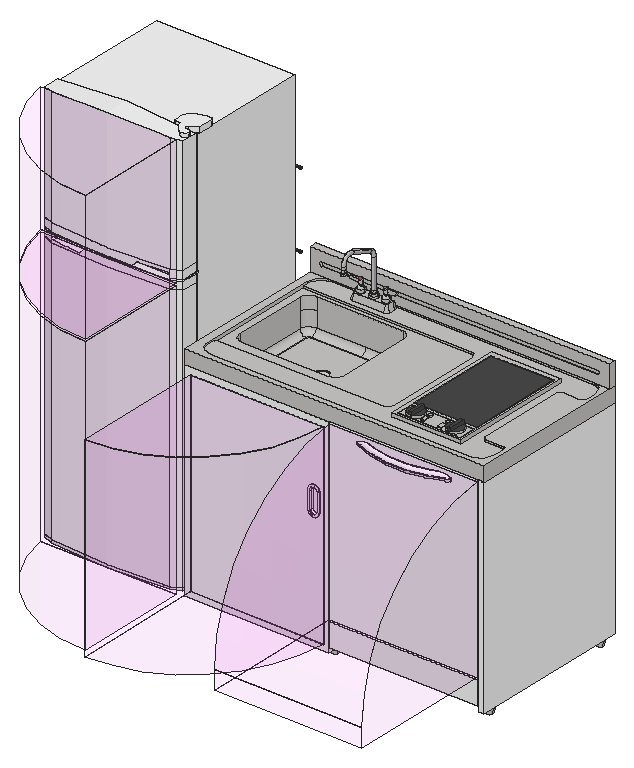
Revit family "QF_Summit_ACKDW721G_Kitchenette_with_Dishwasher_Refrigerator_Freezer", category Specialty Equipment, Revit 2020 (continued)
Definition of nested family "Summit_FF946W"
  Automatic sketch dimensions
    Revolve 31 sketch curve to Revolve 31 sketch curve = 0.09826"
    Revolve 31 sketch curve to Revolve 31 sketch curve = 0"
    Extrusion 32 sketch curve to Extrusion 7 = 0"
    Extrusion 32 sketch curve to Extrusion 7 = 0.3868"
    Extrusion 32 sketch curve to Extrusion 7 = 2.66115"
    Extrusion 32 sketch curve to Extrusion 7 = 1.17391"
    Extrusion 32 sketch curve to Extrusion 7 = 1.05174"
    Extrusion 32 sketch curve to Extrusion 7 = 0.37883"
    Extrusion 7 to Extrusion 32 sketch curve = 0.08207"
    Extrusion 7 to Extrusion 32 sketch curve = 0.40918"
    Extrusion 7 to Extrusion 32 sketch curve = 0.45317"
    Extrusion 32 sketch curve to Extrusion 32 sketch curve = 0.20726"
    Extrusion 32 sketch curve to Extrusion 32 sketch curve = 29/128"
    Extrusion 32 sketch curve to Extrusion 32 sketch curve = 0.24811"
    Extrusion 32 sketch curve to Extrusion 7 = 0.32439"
    Extrusion 32 sketch curve to Extrusion 32 sketch curve = 0.38647"
    Extrusion 32 sketch curve to Extrusion 32 sketch curve = 0.25007"
    Extrusion 32 sketch curve to Extrusion 32 sketch curve = 0.09177"
    Extrusion 7 to Extrusion 32 sketch curve = 0.92391"
    Extrusion 32 sketch curve to Extrusion 7 = 0.16507"
    Extrusion 32 sketch curve to Extrusion 32 sketch curve = 0.24974"
    Extrusion 32 sketch curve to Extrusion 32 sketch curve = 93/256"
    Extrusion 32 sketch curve to Extrusion 32 sketch curve = 0.51956"
    Extrusion 32 sketch curve to Extrusion 32 sketch curve = 0.10565"
    Extrusion 32 sketch curve to Extrusion 32 sketch curve = 0.82922"
    Extrusion 32 sketch curve to Extrusion 32 sketch curve = 1 115/256"
    Extrusion 32 sketch curve to Extrusion 32 sketch curve = 0.5529"
    Extrusion 32 sketch curve to Extrusion 32 sketch curve = 0"
    Extrusion 33 sketch curve to Extrusion 5 = 0"  (x2)
    Extrusion 5 to Extrusion 33 sketch curve = 0.32196"
    Extrusion 5 to Extrusion 33 sketch curve = 3 3/4"
    Extrusion 34 sketch curve to Extrusion 12 = 0"  (x2)
    Extrusion 12 to Extrusion 34 sketch curve = 0.32196"
    Extrusion 12 to Extrusion 34 sketch curve = 3 3/4"
    curve 53 to plane 3 "LEFT" = 0"
    curve 23 to plane 3 "LEFT" = 0"
    plane 1 "BACK" to curve 32 = 0"
    curve 25 to plane 7 "Center Y" = 0"
    curve 1 to plane 4 "RIGHT" = 0"
    curve 27 to plane 4 "RIGHT" = 0"
    curve 18 to plane 4 "RIGHT" = 0"
    curve 45 to plane 3 "LEFT" = 0.92391"
    plane 3 "LEFT" to curve 47 = 0.16507"
    curve 47 to curve 49 = 0.15931"
    plane 3 "LEFT" to curve 52 = 0.3868"
    curve 47 to curve 48 = 0.27592"
    curve 49 to curve 40 = 0.24974"
    curve 48 to curve 46 = 93/256"
    plane 1 "BACK" to curve 37 = 0.25465"
    plane 3 "LEFT" to curve 37 = 0.82095"
    curve 40 to curve 50 = 0.51956"
    curve 50 to curve 49 = 0.10565"
    curve 50 to curve 51 = 0.1398"
    curve 24 to plane 5 "FRONT" = 0.51042"
    plane 3 "LEFT" to curve 24 = 1.58604"
    curve 51 to curve 41 = 0.82922"
    curve 45 to curve 43 = 0.5529"
    curve 43 to curve 42 = 0.32711"
    plane 3 "LEFT" to curve 2 = 3.93802"
    plane 4 "RIGHT" to curve 54 = 3.93802"
    plane 4 "RIGHT" to curve 9 = 3.5627"
    curve 10 to curve 11 = 0.32711"
    curve 11 to curve 11 = 0.5529"
    curve 8 to curve 8 = 1 1/2"
    curve 26 to plane 5 "FRONT" = 0.51042"
    plane 4 "RIGHT" to curve 18 = 1.23348"
    curve 17 to curve 16 = 0.03414"
    curve 17 to curve 17 = 0.10565"
    plane 1 "BACK" to curve 34 = 0.25465"
    plane 4 "RIGHT" to curve 34 = 0.86649"
    plane 4 "RIGHT" to curve 13 = 0.80428"
    plane 4 "RIGHT" to curve 7 = 0.57413"
    curve 13 to curve 15 = 93/256"
    plane 4 "RIGHT" to curve 20 = 0.3868"
    curve 15 to curve 16 = 0.11661"
    plane 4 "RIGHT" to curve 14 = 0.16507"
    curve 12 to plane 4 "RIGHT" = 0.92391"
    plane 5 "FRONT" to curve 2 = 8.81044"
    plane 5 "FRONT" to curve 54 = 8.81044"
    curve 23 to plane 5 "FRONT" = 1 1/4"
    curve 26 to plane 5 "FRONT" = 1 1/4"
    curve 23 to curve 46 = 1.36316"
    curve 46 to curve 47 = 0.09177"
    curve 14 to curve 15 = 0.09177"
    curve 49 to curve 40 = 0.38647"
    curve 15 to curve 7 = 0.38647"
    curve 7 to curve 16 = 0.02153"
    curve 40 to curve 49 = 0.02153"
    curve 17 to curve 17 = 29/128"
    curve 50 to curve 50 = 29/128"
    curve 7 to curve 27 = 0.40853"
    curve 40 to curve 53 = 0.40853"
    curve 39 to curve 53 = 0"
    curve 1 to curve 22 = 0"
    curve 39 to curve 11 = 0.09082"
    curve 51 to curve 44 = 0.04399"
    curve 23 to curve 4 = 1/2"
    curve 28 to curve 9 = 1.05174"
    curve 45 to curve 41 = 1.46091"
    curve 19 to curve 12 = 1.17391"
    curve 4 to curve 45 = 1.17391"
    curve 12 to curve 20 = 1.48725"
    curve 45 to curve 52 = 1.48725"
    curve 4 to curve 36 = 2.24535"
    curve 25 to plane 1 "BACK" = 61.06902"
    plane 3 "LEFT" to curve 1 = 0.1454"
    curve 40 to curve 52 = 0"
    plane 3 "LEFT" to curve 5 = 0.37681"
    curve 32 to curve 29 = 1.99681"
    plane 1 "BACK" to curve 38 = 1/4"
    curve 37 to curve 38 = 1/2"
    plane 4 "RIGHT" to curve 31 = 3.31776"
    curve 7 to curve 8 = 0"
    curve 38 to curve 34 = 1/2"
    curve 22 to curve 17 = 0.01652"
    plane 4 "RIGHT" to curve 21 = 0.56164"
    plane 4 "RIGHT" to curve 6 = 0.26915"
    plane 4 "RIGHT" to curve 53 = 0.1454"
    curve 55 to curve 56 = 0"
    curve 55 to curve 56 = 0.68836"
    curve 58 to curve 57 = 0.92125"
    curve 56 to curve 58 = 0"
    curve 58 to curve 57 = 1/2"
    curve 4 to curve 51 = 0.37883"
    radius of Extrusion 4 sketch curve to Extrusion 3 = 0"
    radius of Extrusion 5 sketch curve to Extrusion 1 = 0"
    radius of Extrusion 27 sketch curve = 1/4"
Definition of nested family "Summit_DW242WADA"
  Parameters (values of type "Summit_DW242WADA")
    Show Clearance [instance] = yes
    Model = "DW242WADA"
    Manufacturer = "Summit"
    Length = 23 1/2"
    Height = 34"
    Description = "Dishwasher"
    Depth = 22 1/2"
    Default Elevation = 0"
  Reference planes (in)
    plane 1: z = 0
    plane 2 "LEFT": x = 0
    plane 3 "RIGHT": x = 23.5
    plane 4 "FRONT": y = -23.25
    plane 5 "TOP": z = 34
    plane 6 "Center Y": x = 11.75
    plane 7 "Center X": y = -12
    plane 8 "BACK": y = -0.75
    plane 9 "Base Hieght": z = 1.75
    plane 10: y = -46.25
    plane 11: y = -25
    plane 12: y = -21
    plane 13: z = 5.75
    plane 14: z = 5.50139
  Forms (in)
    Extrusion 1, solid
      sketch origin (0, 0, 1.75) x (-1, 0, 0) y (0, -1, 0)
        loop
          line (0, 0.75) -> (0, 21) -> (-23.5, 21) -> (-23.5, 0.75) -> (0, 0.75)
      from 0.25139 to 32.25
    Extrusion 2, solid
      sketch origin (0, 0, 1.75) x (-1, 0, 0) y (0, -1, 0)
        loop
          line (0, 21.2625) -> (0, 23.25) -> (-23.5, 23.25) -> (-23.5, 21.2625) -> (0, 21.2625)
      from 4 to 32
    Extrusion 3, solid
      sketch origin (0, 0, 33.75) x (-1, 0, 0) y (0, -1, 0)
        loop
          line (-23.5, 23.25) -> (-23.5, 21.2625) -> (0, 21.2625) -> (0, 23.25) -> (-23.5, 23.25)
      from 0 to 0.25
    Extrusion 4, solid
      sketch origin (23.5, -21, 1.75) x (-1, 0, 0) y (0, 0, -1)
        loop
          line (22.75, -31.25) -> (22.75, -4.75) -> (0.75, -4.75) -> (0.75, -31.25) -> (22.75, -31.25)
      from 0 to 0.2625
    Extrusion 5, solid
      sketch origin (0, -0.75, 1.75) x (1, 0, 0) y (0, 0, -1)
        loop
          circle (9, -1.94027) r 0.5
        loop
          circle (7, -1.94027) r 0.5
        loop
          circle (11.05034, -1.94027) r 0.25
      from 0 to 0.25
    Extrusion 6, solid
      sketch origin (0, -23.25, 0) x (1, 0, 0) y (0, 0, 1)
        loop
          line (0, 5.50139) -> (0, 1.75) -> (23.5, 1.75) -> (23.5, 5.50139) -> (0, 5.50139)
      from 0 to -2.25
    Revolve 7, solid
      sketch origin (0, -19.21875, 0) x (1, 0, 0) y (0, 0, 1)
        loop
          line (21.75, 0) -> (21.75, 2.00139) -> (21.5, 2.00139) -> (21.5, 1.90625) -> (21.12689, 1.90625) -> (21.12689, 1.75) -> (21.25, 1.75) -> (21.25, 0.125) -> (21, 0.125) -> (21, 0) -> (21.75, 0)
        axis (21.75, 2.00139) -> (21.75, 0)
      angle from 0 to 360
    Revolve 8, solid
      sketch origin (0, -2.53125, 0) x (1, 0, 0) y (0, 0, -1)
        loop
          line (21.75, 0) -> (21, 0) -> (21, -0.125) -> (21.25, -0.125) -> (21.25, -1.75) -> (21.12689, -1.75) -> (21.12689, -1.90625) -> (21.5, -1.90625) -> (21.5, -2.00139) -> (21.75, -2.00139) -> (21.75, 0)
        axis (21.75, -2.00139) -> (21.75, 0)
      angle from 0 to 360
    Revolve 9, solid
      sketch origin (-10, -19.21875, 0) x (1, 0, 0) y (0, 0, 1)
        loop
          line (21.75, 0) -> (21.75, 2.00139) -> (21.5, 2.00139) -> (21.5, 1.90625) -> (21.12689, 1.90625) -> (21.12689, 1.75) -> (21.25, 1.75) -> (21.25, 0.125) -> (21, 0.125) -> (21, 0) -> (21.75, 0)
        axis (21.75, 2.00139) -> (21.75, 0)
      angle from 0 to 360
    Revolve 10, solid
      sketch origin (-10, -2.53125, 0) x (1, 0, 0) y (0, 0, -1)
        loop
          line (21.75, 0) -> (21, 0) -> (21, -0.125) -> (21.25, -0.125) -> (21.25, -1.75) -> (21.12689, -1.75) -> (21.12689, -1.90625) -> (21.5, -1.90625) -> (21.5, -2.00139) -> (21.75, -2.00139) -> (21.75, 0)
        axis (21.75, -2.00139) -> (21.75, 0)
      angle from 0 to 360
    Revolve 11, solid
      sketch origin (-20, -19.21875, 0) x (1, 0, 0) y (0, 0, 1)
        loop
          line (21.75, 0) -> (21.75, 2.00139) -> (21.5, 2.00139) -> (21.5, 1.90625) -> (21.12689, 1.90625) -> (21.12689, 1.75) -> (21.25, 1.75) -> (21.25, 0.125) -> (21, 0.125) -> (21, 0) -> (21.75, 0)
        axis (21.75, 2.00139) -> (21.75, 0)
      angle from 0 to 360
    Revolve 12, solid
      sketch origin (-20, -2.53125, 0) x (1, 0, 0) y (0, 0, -1)
        loop
          line (21.75, 0) -> (21, 0) -> (21, -0.125) -> (21.25, -0.125) -> (21.25, -1.75) -> (21.12689, -1.75) -> (21.12689, -1.90625) -> (21.5, -1.90625) -> (21.5, -2.00139) -> (21.75, -2.00139) -> (21.75, 0)
        axis (21.75, -2.00139) -> (21.75, 0)
      angle from 0 to 360
    Sweep 13, solid
      path origin (0, 0, 34) x (-1, 0, 0) y (0, -1, 0)
        loop
          line (-4.22473, 22.5) -> (-4.22473, 23.25)
          arc (-4.22473, 23.25) -> (-11.75, 25) -> (-19.27527, 23.25) r 17.05493
          line (-19.27527, 23.25) -> (-19.27527, 22.5)
      profile origin (19.27527, -22.875, 34) x (-1, 0, 0) y (0, 0, 1)
        loop
          line (0.52527, -2) -> (0.65027, -2) -> (0.65027, -0.875) -> (0.52527, -0.875)
          arc (0.52527, -0.875) -> (0.17172, -1.02145) -> (0.02527, -1.375) r 0.5
          line (0.02527, -1.375) -> (0.02527, -1.5)
          arc (0.02527, -1.5) -> (0.17172, -1.85355) -> (0.52527, -2) r 0.5
    Extrusion 14, solid, visible <- "Show Clearance"
      sketch origin (0, 0, 0) x (0, 1, 0) y (0, 0, 1)
        loop
          arc (-46.24626, 8.6875) -> (-39.62706, 25.70168) -> (-23.25, 33.76938) r 25.17646
          line (-23.25, 33.76938) -> (-23.25, 5.75) -> (-46.25, 5.75) -> (-46.25, 8.6875)
      from 0 to 23.5
  Lines and regions (in)
    Split face 1
      outline origin (0, 0, 34) x (-1, 0, 0) y (0, -1, 0)
        loop
          arc (-19.53074, 21.75321) -> (-19.51659, 21.75907) -> (-19.51074, 21.77321) r 0.02
          line (-19.51074, 21.77321) -> (-19.51074, 21.98321)
          arc (-19.51074, 21.98321) -> (-19.51659, 21.99735) -> (-19.53074, 22.00321) r 0.02
          line (-19.53074, 22.00321) -> (-20.24074, 22.00321)
          arc (-20.24074, 22.00321) -> (-20.25488, 21.99735) -> (-20.26074, 21.98321) r 0.02
          line (-20.26074, 21.98321) -> (-20.26074, 21.77321)
          arc (-20.26074, 21.77321) -> (-20.25488, 21.75907) -> (-20.24074, 21.75321) r 0.02
          line (-20.24074, 21.75321) -> (-19.53074, 21.75321)
    Split face 2
      outline origin (0, 0, 34) x (-1, 0, 0) y (0, -1, 0)
        loop
          line (-17.85147, 22.00321) -> (-18.56147, 22.00321)
          arc (-18.56147, 22.00321) -> (-18.57562, 21.99735) -> (-18.58147, 21.98321) r 0.02
          line (-18.58147, 21.98321) -> (-18.58147, 21.77321)
          arc (-18.58147, 21.77321) -> (-18.57562, 21.75907) -> (-18.56147, 21.75321) r 0.02
          line (-18.56147, 21.75321) -> (-17.85147, 21.75321)
          arc (-17.85147, 21.75321) -> (-17.83733, 21.75907) -> (-17.83147, 21.77321) r 0.02
          line (-17.83147, 21.77321) -> (-17.83147, 21.98321)
          arc (-17.83147, 21.98321) -> (-17.83733, 21.99735) -> (-17.85147, 22.00321) r 0.02
    Split face 3
      outline origin (0, 0, 34) x (-1, 0, 0) y (0, -1, 0)
        loop
          arc (-16.38636, 21.75321) -> (-16.37222, 21.75907) -> (-16.36636, 21.77321) r 0.02
          line (-16.36636, 21.77321) -> (-16.36636, 21.98321)
          arc (-16.36636, 21.98321) -> (-16.37222, 21.99735) -> (-16.38636, 22.00321) r 0.02
          line (-16.38636, 22.00321) -> (-17.09636, 22.00321)
          arc (-17.09636, 22.00321) -> (-17.1105, 21.99735) -> (-17.11636, 21.98321) r 0.02
          line (-17.11636, 21.98321) -> (-17.11636, 21.77321)
          arc (-17.11636, 21.77321) -> (-17.1105, 21.75907) -> (-17.09636, 21.75321) r 0.02
          line (-17.09636, 21.75321) -> (-16.38636, 21.75321)
    Split face 4
      outline origin (0, 0, 34) x (-1, 0, 0) y (0, -1, 0)
        loop
          arc (-14.78649, 21.75321) -> (-14.77235, 21.75907) -> (-14.76649, 21.77321) r 0.02
          line (-14.76649, 21.77321) -> (-14.76649, 21.98321)
          arc (-14.76649, 21.98321) -> (-14.77235, 21.99735) -> (-14.78649, 22.00321) r 0.02
          line (-14.78649, 22.00321) -> (-15.49649, 22.00321)
          arc (-15.49649, 22.00321) -> (-15.51063, 21.99735) -> (-15.51649, 21.98321) r 0.02
          line (-15.51649, 21.98321) -> (-15.51649, 21.77321)
          arc (-15.51649, 21.77321) -> (-15.51063, 21.75907) -> (-15.49649, 21.75321) r 0.02
          line (-15.49649, 21.75321) -> (-14.78649, 21.75321)
    Split face 5
      outline origin (0, 0, 34) x (-1, 0, 0) y (0, -1, 0)
        loop
          arc (-13.02902, 21.75321) -> (-13.01488, 21.75907) -> (-13.00902, 21.77321) r 0.02
          line (-13.00902, 21.77321) -> (-13.00902, 21.98321)
          arc (-13.00902, 21.98321) -> (-13.01488, 21.99735) -> (-13.02902, 22.00321) r 0.02
          line (-13.02902, 22.00321) -> (-13.73902, 22.00321)
          arc (-13.73902, 22.00321) -> (-13.75316, 21.99735) -> (-13.75902, 21.98321) r 0.02
          line (-13.75902, 21.98321) -> (-13.75902, 21.77321)
          arc (-13.75902, 21.77321) -> (-13.75316, 21.75907) -> (-13.73902, 21.75321) r 0.02
          line (-13.73902, 21.75321) -> (-13.02902, 21.75321)
    Split face 6
      outline origin (0, 0, 34) x (-1, 0, 0) y (0, -1, 0)
        loop
          line (-3.12379, 22.1083) -> (-1.69958, 21.75321) -> (-0.2523, 22.10799) -> (-0.2523, 22.70233) -> (-3.12379, 22.70233) -> (-3.12379, 22.1083)
    symbolic lines, not visible
      curve 1: line (0, -0.75, 34) -> (23.5, -0.75, 34)
      curve 2: line (0, -21, 34) -> (0, -0.75, 34)
      curve 3: line (23.5, -21, 34) -> (0, -21, 34)
      curve 4: line (23.5, -0.75, 34) -> (23.5, -21, 34)
      curve 5: line (0.75, -21, 34) -> (0.75, -21.2625, 34)
      curve 6: line (22.75, -21.2625, 34) -> (22.75, -21, 34)
      curve 7: line (23.5, -23.25, 34) -> (0, -23.25, 34)
      curve 8: line (23.5, -21.2625, 34) -> (23.5, -23.25, 34)
      curve 9: line (0, -21.2625, 34) -> (23.5, -21.2625, 34)
      curve 10: line (0, -23.25, 34) -> (0, -21.2625, 34)
      curve 11: line (1.69958, -21.75321, 34) -> (3.12379, -22.1083, 34)
      curve 12: line (3.12379, -22.1083, 34) -> (3.12379, -22.70233, 34)
      curve 13: line (3.12379, -22.70233, 34) -> (0.2523, -22.70233, 34)
      curve 14: line (0.2523, -22.70233, 34) -> (0.2523, -22.10799, 34)
      curve 15: line (0.2523, -22.10799, 34) -> (1.69958, -21.75321, 34)
      curve 16: line (13.73902, -22.00321, 34) -> (13.02902, -22.00321, 34)
      curve 17: arc (13.02902, -22.00321, 34) -> (13.01488, -21.99735, 34) -> (13.00902, -21.98321, 34) r 0.02
      curve 18: line (13.00902, -21.98321, 34) -> (13.00902, -21.77321, 34)
      curve 19: arc (13.00902, -21.77321, 34) -> (13.01488, -21.75907, 34) -> (13.02902, -21.75321, 34) r 0.02
      curve 20: line (13.02902, -21.75321, 34) -> (13.73902, -21.75321, 34)
      curve 21: arc (13.73902, -21.75321, 34) -> (13.75316, -21.75907, 34) -> (13.75902, -21.77321, 34) r 0.02
      curve 22: line (13.75902, -21.77321, 34) -> (13.75902, -21.98321, 34)
      curve 23: arc (13.75902, -21.98321, 34) -> (13.75316, -21.99735, 34) -> (13.73902, -22.00321, 34) r 0.02
      curve 24: line (14.78649, -22.00321, 34) -> (15.49649, -22.00321, 34)
      curve 25: arc (15.49649, -22.00321, 34) -> (15.51063, -21.99735, 34) -> (15.51649, -21.98321, 34) r 0.02
      curve 26: line (15.51649, -21.98321, 34) -> (15.51649, -21.77321, 34)
      curve 27: arc (15.51649, -21.77321, 34) -> (15.51063, -21.75907, 34) -> (15.49649, -21.75321, 34) r 0.02
      curve 28: line (15.49649, -21.75321, 34) -> (14.78649, -21.75321, 34)
      curve 29: arc (14.78649, -21.75321, 34) -> (14.77235, -21.75907, 34) -> (14.76649, -21.77321, 34) r 0.02
      curve 30: line (14.76649, -21.77321, 34) -> (14.76649, -21.98321, 34)
      curve 31: arc (14.76649, -21.98321, 34) -> (14.77235, -21.99735, 34) -> (14.78649, -22.00321, 34) r 0.02
      curve 32: line (17.09636, -22.00321, 34) -> (16.38636, -22.00321, 34)
      curve 33: arc (16.38636, -22.00321, 34) -> (16.37222, -21.99735, 34) -> (16.36636, -21.98321, 34) r 0.02
      curve 34: line (16.36636, -21.98321, 34) -> (16.36636, -21.77321, 34)
      curve 35: arc (16.36636, -21.77321, 34) -> (16.37222, -21.75907, 34) -> (16.38636, -21.75321, 34) r 0.02
      curve 36: line (16.38636, -21.75321, 34) -> (17.09636, -21.75321, 34)
      curve 37: arc (17.09636, -21.75321, 34) -> (17.1105, -21.75907, 34) -> (17.11636, -21.77321, 34) r 0.02
      curve 38: line (17.11636, -21.77321, 34) -> (17.11636, -21.98321, 34)
      curve 39: arc (17.11636, -21.98321, 34) -> (17.1105, -21.99735, 34) -> (17.09636, -22.00321, 34) r 0.02
      curve 40: line (18.56147, -22.00321, 34) -> (17.85147, -22.00321, 34)
      curve 41: arc (17.85147, -22.00321, 34) -> (17.83733, -21.99735, 34) -> (17.83147, -21.98321, 34) r 0.02
      curve 42: line (17.83147, -21.98321, 34) -> (17.83147, -21.77321, 34)
      curve 43: arc (17.83147, -21.77321, 34) -> (17.83733, -21.75907, 34) -> (17.85147, -21.75321, 34) r 0.02
      curve 44: line (17.85147, -21.75321, 34) -> (18.56147, -21.75321, 34)
      curve 45: arc (18.56147, -21.75321, 34) -> (18.57562, -21.75907, 34) -> (18.58147, -21.77321, 34) r 0.02
      curve 46: line (18.58147, -21.77321, 34) -> (18.58147, -21.98321, 34)
      curve 47: arc (18.58147, -21.98321, 34) -> (18.57562, -21.99735, 34) -> (18.56147, -22.00321, 34) r 0.02
      curve 48: line (19.53074, -22.00321, 34) -> (20.24074, -22.00321, 34)
      curve 49: arc (20.24074, -22.00321, 34) -> (20.25488, -21.99735, 34) -> (20.26074, -21.98321, 34) r 0.02
      curve 50: line (20.26074, -21.98321, 34) -> (20.26074, -21.77321, 34)
      curve 51: arc (20.26074, -21.77321, 34) -> (20.25488, -21.75907, 34) -> (20.24074, -21.75321, 34) r 0.02
      curve 52: line (20.24074, -21.75321, 34) -> (19.53074, -21.75321, 34)
      curve 53: arc (19.53074, -21.75321, 34) -> (19.51659, -21.75907, 34) -> (19.51074, -21.77321, 34) r 0.02
      curve 54: line (19.51074, -21.77321, 34) -> (19.51074, -21.98321, 34)
      curve 55: arc (19.51074, -21.98321, 34) -> (19.51659, -21.99735, 34) -> (19.53074, -22.00321, 34) r 0.02
      curve 56: arc (4.28218, -23.25, 34) -> (11.78218, -25.00003, 34) -> (19.28218, -23.25, 34) r 16.94616
      curve 57: arc (17.65524, -23.25, 34) -> (11.75, -24.34973, 34) -> (5.84476, -23.25, 34) r 16.40466
    symbolic lines, visible <- "Show Clearance"
      curve 58: line (0, -23.25, 34) -> (0, -46.24626, 34)
      curve 59: line (0, -46.24626, 34) -> (23.5, -46.24626, 34)
      curve 60: line (23.5, -46.24626, 34) -> (23.5, -23.25, 34)
  Dimensions and locks (in)
    equal spacing: plane 2 "LEFT", plane 6 "Center Y", plane 3 "RIGHT"
    "Length": plane 2 "LEFT" to plane 3 "RIGHT"
    equal spacing: plane 4 "FRONT", plane 7 "Center X", plane 8 "BACK"
    "Height": plane 5 "TOP" to level
    "Depth": plane 4 "FRONT" to plane 8 "BACK"
    plane 10 to plane 8 "BACK" = 45 1/2"
    plane 9 "Base Hieght" to level = 1 3/4"
    plane 11 to plane 4 "FRONT" = 1 3/4"
    plane 12 to plane 8 "BACK" = 20 1/4"
    plane 5 "TOP" to plane 9 "Base Hieght" = 32 1/4"
    plane 5 "TOP" to plane 13 = 28 1/4"
    aligned and locked: level to plane 1
  Automatic sketch dimensions
    Extrusion 1 sketch curve to plane 3 "RIGHT" = 0"
    Extrusion 1 sketch curve to plane 2 "LEFT" = 0"
    plane 8 "BACK" to Extrusion 1 sketch curve = 0"
    Extrusion 1 sketch curve to plane 12 = 0"
    Extrusion 2 sketch curve to plane 3 "RIGHT" = 0"
    Extrusion 2 sketch curve to plane 2 "LEFT" = 0"
    plane 4 "FRONT" to Extrusion 2 sketch curve = 0"
    Extrusion 2 sketch curve to plane 12 = 0.2625"
    Extrusion 3 sketch curve to Extrusion 2 = 0"  (x3)
    Extrusion 2 to Extrusion 3 sketch curve = 0"
    Extrusion 4 sketch curve to Extrusion 1 = 3/4"
    Extrusion 1 to Extrusion 4 sketch curve = 3/4"
    Extrusion 1 to Extrusion 4 sketch curve = 1"
    Extrusion 1 to Extrusion 4 sketch curve = 4.49861"
    Extrusion 1 to Extrusion 5 sketch curve = 1.68889"  (x3)
    Extrusion 5 sketch curve to Extrusion 1 = 7"
    Extrusion 5 sketch curve to Extrusion 5 sketch curve = 2"
    Extrusion 5 sketch curve to Extrusion 5 sketch curve = 2.05034"
    Revolve 7 sketch curve to level = 0"  (x2)
    Revolve 7 sketch curve to plane 9 "Base Hieght" = 0"
    level to Revolve 7 sketch curve = 1/8"
    plane 3 "RIGHT" to Revolve 7 sketch curve = 2 1/2"
    plane 9 "Base Hieght" to Revolve 7 sketch curve = 5/32"
    Revolve 7 sketch curve to Revolve 7 sketch curve = 0.12689"
    Revolve 7 sketch curve to Revolve 7 sketch curve = 0.12311"
    Revolve 7 sketch curve to Revolve 7 sketch curve = 1/4"
    Revolve 7 sketch curve to Revolve 7 sketch curve = 1/2"
    plane 9 "Base Hieght" to Revolve 7 sketch curve = 0.25139"
    Revolve 7 sketch curve to Revolve 7 sketch curve = 0"
    Revolve 7 sketch curve to Revolve 7 sketch curve = 0.71842"
    Revolve 8 sketch curve to level = 0"  (x2)
    Revolve 8 sketch curve to plane 9 "Base Hieght" = 0"
    level to Revolve 8 sketch curve = 1/8"
    plane 3 "RIGHT" to Revolve 8 sketch curve = 2 1/2"
    plane 9 "Base Hieght" to Revolve 8 sketch curve = 5/32"
    Revolve 8 sketch curve to Revolve 8 sketch curve = 0.12689"
    Revolve 8 sketch curve to Revolve 8 sketch curve = 0.12311"
    Revolve 8 sketch curve to Revolve 8 sketch curve = 1/4"
    Revolve 8 sketch curve to Revolve 8 sketch curve = 1/2"
    plane 9 "Base Hieght" to Revolve 8 sketch curve = 0.25139"
    Revolve 8 sketch curve to Revolve 8 sketch curve = 0"
    Revolve 8 sketch curve to Revolve 8 sketch curve = 0.71842"
    Revolve 9 sketch curve to level = 0"  (x2)
    Revolve 9 sketch curve to plane 9 "Base Hieght" = 0"
    Revolve 9 sketch curve to plane 6 "Center Y" = 0"  (x2)
    Revolve 9 sketch curve to Revolve 9 sketch curve = 1/4"  (x2)
    level to Revolve 9 sketch curve = 1/8"
    Revolve 9 sketch curve to plane 6 "Center Y" = 1/2"
    Revolve 9 sketch curve to Revolve 9 sketch curve = 0.12311"
    plane 9 "Base Hieght" to Revolve 9 sketch curve = 5/32"
    plane 9 "Base Hieght" to Revolve 9 sketch curve = 0.25139"
    Revolve 9 sketch curve to Revolve 9 sketch curve = 0.71842"
    Revolve 10 sketch curve to level = 0"  (x2)
    Revolve 10 sketch curve to plane 9 "Base Hieght" = 0"
    Revolve 10 sketch curve to plane 6 "Center Y" = 0"  (x2)
    Revolve 10 sketch curve to Revolve 10 sketch curve = 1/4"  (x2)
    level to Revolve 10 sketch curve = 1/8"
    Revolve 10 sketch curve to plane 6 "Center Y" = 1/2"
    Revolve 10 sketch curve to Revolve 10 sketch curve = 0.12311"
    plane 9 "Base Hieght" to Revolve 10 sketch curve = 5/32"
    plane 9 "Base Hieght" to Revolve 10 sketch curve = 0.25139"
    Revolve 10 sketch curve to level = 0.71842"
    Revolve 11 sketch curve to level = 0"  (x2)
    Revolve 11 sketch curve to plane 9 "Base Hieght" = 0"
    level to Revolve 11 sketch curve = 1/8"
    plane 2 "LEFT" to Revolve 11 sketch curve = 1"
    plane 9 "Base Hieght" to Revolve 11 sketch curve = 5/32"
    plane 2 "LEFT" to Revolve 11 sketch curve = 1.12689"
    Revolve 11 sketch curve to Revolve 11 sketch curve = 0.12311"
    Revolve 11 sketch curve to Revolve 11 sketch curve = 1/4"
    Revolve 11 sketch curve to Revolve 11 sketch curve = 1/2"
    plane 9 "Base Hieght" to Revolve 11 sketch curve = 0.25139"
    Revolve 11 sketch curve to Revolve 11 sketch curve = 0"
    Revolve 11 sketch curve to Revolve 11 sketch curve = 0.71842"
    Revolve 12 sketch curve to level = 0"  (x2)
    Revolve 12 sketch curve to plane 9 "Base Hieght" = 0"
    level to Revolve 12 sketch curve = 1/8"
    plane 2 "LEFT" to Revolve 12 sketch curve = 1"
    plane 9 "Base Hieght" to Revolve 12 sketch curve = 5/32"
    plane 2 "LEFT" to Revolve 12 sketch curve = 1.12689"
    Revolve 12 sketch curve to Revolve 12 sketch curve = 0.12311"
    Revolve 12 sketch curve to Revolve 12 sketch curve = 1/4"
    Revolve 12 sketch curve to Revolve 12 sketch curve = 1/2"
    plane 9 "Base Hieght" to Revolve 12 sketch curve = 0.25139"
    Revolve 12 sketch curve to Revolve 12 sketch curve = 0"
    Revolve 12 sketch curve to level = 0.71842"
    plane 4 "FRONT" to Sweep 13 sketch curve = 0"  (x2)
    Sweep 13 sketch curve to plane 6 "Center Y" = 0"
    plane 7 "Center X" to Sweep 13 sketch curve = 4.05493"
    plane 3 "RIGHT" to Sweep 13 sketch curve = 4.22473"
    Sweep 13 sketch curve to plane 4 "FRONT" = 3/4"
    Sweep 13 sketch curve to Sweep 13 sketch curve = 3/4"
    Sweep 13 sketch curve to profile plane = 0.02527"
    Sweep 13 sketch curve to Sweep 13 sketch curve = 1/2"
    Sweep 13 sketch curve to Sweep 13 sketch curve = 0"
    Sweep 13 sketch curve to Sweep 13 sketch curve = 1/8"  (x2)
    Sweep 13 sketch curve to plane 5 "TOP" = 2"
    Split face 1 sketch curve to Extrusion 3 = 0.51071"
    Split face 1 sketch curve to Extrusion 3 = 3.23926"
    Split face 1 sketch curve to Split face 1 sketch curve = 0.02"  (x3)
    Split face 1 sketch curve to Split face 1 sketch curve = 0.71"
    Split face 1 sketch curve to Split face 1 sketch curve = 0"
    Split face 1 sketch curve to Split face 1 sketch curve = 0.21"
    Split face 2 sketch curve to Extrusion 3 = 0.72071"
    Split face 2 sketch curve to Extrusion 3 = 4.91853"
    Split face 2 sketch curve to Split face 2 sketch curve = 0.02"  (x3)
    Split face 2 sketch curve to Split face 2 sketch curve = 0.71"
    Split face 2 sketch curve to Split face 2 sketch curve = 0"
    Split face 2 sketch curve to Split face 2 sketch curve = 0.21"
    Split face 3 sketch curve to Extrusion 3 = 0.51071"
    Split face 3 sketch curve to Extrusion 3 = 6.38364"
    Split face 3 sketch curve to Split face 3 sketch curve = 0.02"  (x3)
    Split face 3 sketch curve to Split face 3 sketch curve = 0.71"
    Split face 3 sketch curve to Split face 3 sketch curve = 0"
    Split face 3 sketch curve to Split face 3 sketch curve = 0.21"
    Split face 4 sketch curve to Extrusion 3 = 0.51071"
    Split face 4 sketch curve to Extrusion 3 = 7.98351"
    Split face 4 sketch curve to Split face 4 sketch curve = 0.02"  (x3)
    Split face 4 sketch curve to Split face 4 sketch curve = 0.71"
    Split face 4 sketch curve to Split face 4 sketch curve = 0"
    Split face 4 sketch curve to Split face 4 sketch curve = 0.21"
    Split face 5 sketch curve to Extrusion 3 = 0.51071"
    Split face 5 sketch curve to Extrusion 3 = 9.74098"
    Split face 5 sketch curve to Split face 5 sketch curve = 0.02"  (x3)
    Split face 5 sketch curve to Split face 5 sketch curve = 0.71"
    Split face 5 sketch curve to Split face 5 sketch curve = 0"
    Split face 5 sketch curve to Split face 5 sketch curve = 0.21"
    Split face 6 sketch curve to Extrusion 3 = 0.8458"
    Split face 6 sketch curve to Extrusion 3 = 3.12379"
    Split face 6 sketch curve to Extrusion 3 = 0.2523"
    Split face 6 sketch curve to Extrusion 3 = 0.54767"
    Split face 6 sketch curve to Split face 6 sketch curve = 1.42421"
    Split face 6 sketch curve to Extrusion 3 = 0.49071"
    Split face 6 sketch curve to Split face 6 sketch curve = 0.59435"
    Extrusion 6 sketch curve to plane 2 "LEFT" = 0"
    Extrusion 6 sketch curve to plane 14 = 0"
    plane 3 "RIGHT" to Extrusion 6 sketch curve = 0"
    plane 9 "Base Hieght" to Extrusion 6 sketch curve = 0"
    Extrusion 14 sketch curve to plane 13 = 0"
    Extrusion 14 sketch curve to plane 4 "FRONT" = 0"
    Extrusion 14 sketch curve to plane 12 = 0.0698"
    Extrusion 14 sketch curve to plane 5 "TOP" = 0.23062"
    Extrusion 14 sketch curve to plane 10 = 0.00374"
    Extrusion 14 sketch curve to plane 10 = 0"
    Extrusion 14 sketch curve to Extrusion 14 sketch curve = 0"
    curve 1 to plane 3 "RIGHT" = 0"
    curve 9 to plane 3 "RIGHT" = 0"
    curve 6 to plane 12 = 0"
    plane 4 "FRONT" to curve 56 = 0"
    curve 57 to plane 6 "Center Y" = 0"
    curve 9 to plane 2 "LEFT" = 0"
    curve 3 to plane 2 "LEFT" = 0"
    plane 8 "BACK" to curve 1 = 0"
    curve 50 to plane 12 = 0.77321"
    plane 3 "RIGHT" to curve 50 = 3.23926"
    curve 51 to curve 51 = 0.02"
    curve 49 to curve 49 = 0.02"
    curve 51 to curve 52 = 0.71"
    curve 48 to curve 53 = 0"
    curve 53 to curve 54 = 0.02"
    curve 53 to curve 46 = 0.92926"
    curve 47 to curve 47 = 0.02"
    curve 45 to curve 45 = 0.02"
    curve 44 to curve 44 = 0.71"
    curve 40 to curve 43 = 0"
    curve 41 to curve 42 = 0.02"
    curve 43 to curve 38 = 0.71512"
    curve 39 to curve 39 = 0.02"
    curve 37 to curve 37 = 0.02"
    curve 37 to curve 35 = 0.71"
    curve 33 to curve 35 = 0"
    curve 35 to curve 34 = 0.02"
    curve 35 to curve 26 = 0.84987"
    curve 25 to curve 24 = 0.02"
    curve 27 to curve 27 = 0.02"
    curve 27 to curve 29 = 0.71"
    curve 31 to curve 29 = 0"
    curve 29 to curve 30 = 0.02"
    curve 29 to curve 22 = 1.00747"
    curve 23 to curve 23 = 0.02"
    curve 21 to curve 21 = 0.02"
    curve 16 to curve 16 = 0.71"
    curve 19 to curve 17 = 0"
    curve 19 to curve 18 = 0.02"
    plane 6 "Center Y" to curve 56 = 0.03218"
    curve 11 to plane 12 = 1.1083"
    plane 2 "LEFT" to curve 11 = 3.12379"
    curve 15 to plane 12 = 0.75321"
    curve 11 to curve 15 = 1.42421"
    plane 2 "LEFT" to curve 14 = 0.2523"
    plane 7 "Center X" to curve 57 = 4.05493"
    curve 57 to curve 56 = 0.1088"
    curve 8 to plane 12 = 0.2625"
    curve 44 to plane 12 = 0.75321"
    curve 36 to curve 43 = 0.02"
    curve 28 to plane 12 = 0.75321"
    curve 20 to plane 12 = 0.75321"
    curve 43 to curve 42 = 0.21"
    curve 21 to curve 22 = 0.21"
    curve 35 to curve 33 = 0.21"
    curve 50 to curve 50 = 0.21"
    curve 29 to curve 31 = 0.21"
    curve 9 to curve 14 = 0.84549"
    curve 12 to plane 4 "FRONT" = 0.54767"
    curve 59 to plane 10 = 0.00374"
    curve 3 to curve 6 = 3/4"
    curve 55 to curve 56 = 0.24855"
    curve 41 to curve 57 = 0.19624"
    curve 5 to curve 2 = 3/4"
    radius of Extrusion 5 sketch curve = 1/2"  (x2)
    radius of Extrusion 5 sketch curve = 1/4"
